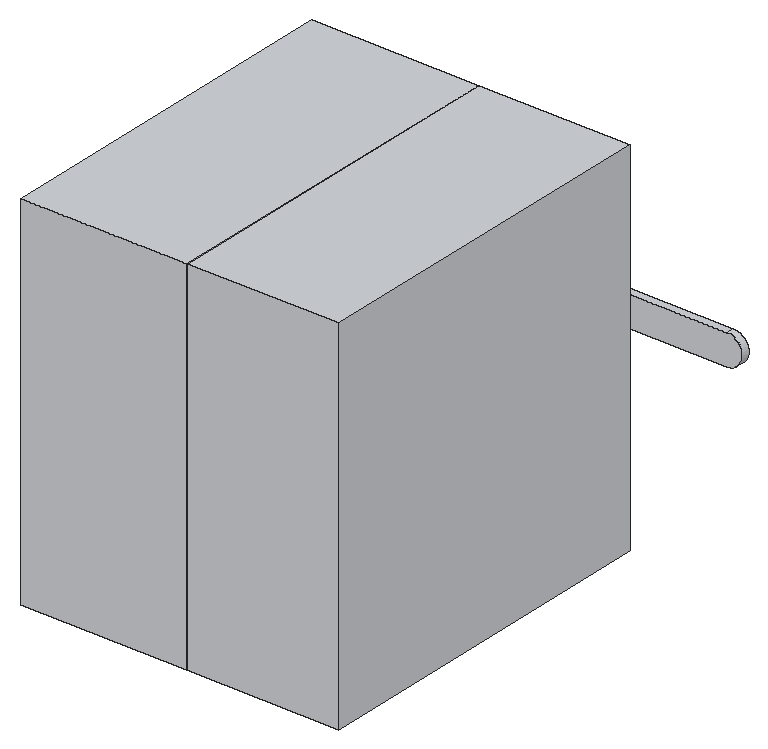
Revit family "Fire Volume Damper - Rectangular Fitting", category Duct Fittings, Revit 2025
Family settings
  Round Connector Dimension = Use Diameter
  Part Type = Tap - Adjustable
  OmniClass Number = 23.75.70.14
  OmniClass Title = Air Ductwork
  Work Plane-Based = No
  Always vertical = Yes
  Cut with Voids When Loaded = No
  Shared = No
Parameters (values of type "Type B")
  built-in parameter 1114215 [instance] = 0.33333 (stored number, unit not read)
  built-in parameter 1114214 [instance] = 1"
  built-in parameter 1114213 [instance] = 1.2708 (stored number, unit not read)
  Width [instance] = 12"
  Height [instance] = 12"
  Default Elevation = 0"
  B Length = 5"
  Assembly Code = ""
  A Length = 4 1/2"
Types (2): name | built-in parameter 1114214 | B Length | A Length
  Type A | 12" | 8" | 7 1/4"
  Type B | 1" | 5" | 4 1/2"
Reference planes (in)
  plane 1 "Center (Front/Back)": y = 0
  plane 2: z = 0
  plane 3 "Center (Left/Right)": x = 0
  plane 4 "top": x = 4.5
  plane 5: x = -1
  plane 6: z = 6
  plane 7: z = -6
  plane 8: x = 9.5
  plane 9 "front": y = 6
  plane 10 "back": y = -6
  plane 11 "handle": y = 7.5
Forms (in)
  Blend 1, solid, detail levels medium+fine
    base sketch origin (0, 0, 0) x (0, 1, 0) y (0, 0, 1)
      loop
        line (-6, 6) -> (-6, -6) -> (6, -6) -> (6, 6) -> (-6, 6)
    top sketch origin (0, 0, 0) x (0, 1, 0) y (0, 0, 1)
      loop
        line (-6, 6) -> (-6, -6) -> (6, -6) -> (6, 6) -> (-6, 6)
    from 0 to 4.5
  Sweep 2, solid, detail levels medium+fine
    path in 3D
      loop
        line (-1, 0, 0) -> (0, 0, 0)
    profile "Duct - Rectangular : Duct - Rectangular" origin (-0.5, 0, 0) x (0, 1, 0) y (0, 0, 1)
      loop
        line (-6, 6) -> (-6, -6) -> (6, -6) -> (6, 6) -> (-6, 6)
  Extrusion 3, solid
    sketch origin (4.5, 0, 0) x (0, 1, 0) y (0, 0, 1)
      loop
        line (-6, 6) -> (-6, -6) -> (6, -6) -> (6, 6) -> (-6, 6)
    from 0 to 5
  Sweep 4, solid
    path origin (0, 0, 0) x (1, 0, 0) y (0, 1, 0)
      loop
        line (7, 7.5) -> (7, 3)
    profile origin (7, 5.25, 0) x (1, 0, 0) y (0, 0, 1)
      loop
        circle (0, 0) r 0.25
  Sweep 5, solid
    path origin (0, 0, 0) x (1, 0, 0) y (0, 1, 0)
      loop
        line (7, 7.5) -> (7, 7.75)
    profile origin (7, 7.625, 0) x (-1, 0, 0) y (0, 0, 1)
      loop
        line (0.01971, 0.5) -> (-4.5, 0.5)
        arc (-4.5, 0.5) -> (-5, 0) -> (-4.5, -0.5) r 0.5
        line (-4.5, -0.5) -> (0.01971, -0.5)
        arc (0.01971, -0.5) -> (0.51971, 0) -> (0.01971, 0.5) r 0.5
Cuts and joins
  joined: Blend 1, Sweep 2
  joined: Extrusion 3, Sweep 4
Lines and regions (in)
  model lines, style "DuctFitting", not visible, detail levels coarse
    curve 1: line (0, 0, 0) -> (4.5, 0, 0)
  reference lines
    curve 2: line (-1, 0, 0) -> (0, 0, 0)
  sketch lines
    curve 3: line (-1, 0, 0) -> (0, 0, 0)
  symbolic lines
    curve 4: line (7, 6, 0) -> (7, -6, 0)
    curve 5: line (0, 6, 0) -> (4.5, 3.5, 0)
    curve 6: line (0, 6, 0) -> (4.5, 0, 0)
    curve 7: line (0, -6, 0) -> (4.5, -3.5, 0)
    curve 8: line (0, -6, 0) -> (4.5, 0, 0)
    curve 9: line (0, 6, 6) -> (4.5, 6, 0)
    curve 10: line (4.5, 6, 0) -> (0, 6, -6)
    curve 11: line (0, 6, 6) -> (4.5, 6, 3.5)
    curve 12: line (0, 6, -6) -> (4.5, 6, -3.5)
    curve 13: line (0, -6, 6) -> (4.5, -6, 0)
    curve 14: line (0, -6, -6) -> (4.5, -6, 0)
    curve 15: line (0, -6, 6) -> (4.5, -6, 3.5)
    curve 16: line (0, -6, -6) -> (4.5, -6, -3.5)
Dimensions and locks (in)
  "built-in parameter 1114214": plane 5 to plane 3 "Center (Left/Right)"
  equal spacing: plane 6, level, plane 7
  locked: plane 6 to plane 7 at 12
  equal spacing: Blend 1 sketch curve, plane 1 "Center (Front/Back)", Blend 1 sketch curve  (x2)
  "Width": Blend 1 sketch curve to Blend 1 sketch curve  (x2)
  equal spacing: Blend 1 sketch curve, plane 2, Blend 1 sketch curve  (x2)
  "Height": Blend 1 sketch curve to Blend 1 sketch curve  (x2)
  "B Length": plane 4 "top" to plane 8
  "A Length": plane 3 "Center (Left/Right)" to plane 4 "top"
  equal spacing: plane 4 "top", curve 4, plane 8
  equal spacing: plane 9 "front", plane 1 "Center (Front/Back)", plane 10 "back"
  plane 11 "handle" to plane 9 "front" = 1 1/2"
  "Width": plane 9 "front" to plane 10 "back"
  plane 9 "front" to curve 5 = 2 1/2"
  equal spacing: Extrusion 3 sketch curve, plane 2, Extrusion 3 sketch curve
  equal spacing: Extrusion 3 sketch curve, plane 1 "Center (Front/Back)", Extrusion 3 sketch curve
  "Width": Extrusion 3 sketch curve to Extrusion 3 sketch curve
  "Height": Extrusion 3 sketch curve to Extrusion 3 sketch curve
  aligned and locked: plane 3 "Center (Left/Right)" to curve 1
  aligned and locked: plane 1 "Center (Front/Back)" to curve 1
  aligned and locked: plane 4 "top" to Blend 1
  aligned and locked: plane 3 "Center (Left/Right)" to curve 2
  aligned and locked: plane 5 to curve 2
  aligned and locked: plane 1 "Center (Front/Back)" to curve 2
  aligned and locked: plane 8 to Extrusion 3
  aligned and locked: plane 9 "front" to curve 4
  aligned and locked: plane 10 "back" to curve 4
  aligned and locked: plane 11 "handle" to Sweep 4 sketch curve
  aligned and locked: Blend 1 to plane 3 "Center (Left/Right)"
  aligned and locked: Sweep 4 sketch curve to curve 4
  aligned and locked: curve 4 to Sweep 5 sketch curve
  aligned and locked: plane 4 "top" to curve 11
Automatic sketch dimensions
  curve 8 to plane 3 "Center (Left/Right)" = 0"
  curve 6 to plane 3 "Center (Left/Right)" = 0"
  curve 8 to plane 4 "top" = 0"
  curve 7 to plane 4 "top" = 0"
  curve 5 to plane 4 "top" = 0"
  curve 8 to plane 10 "back" = 0"
  curve 6 to plane 9 "front" = 0"
  plane 10 "back" to curve 7 = 2 1/2"
  Sweep 4 sketch curve to plane 1 "Center (Front/Back)" = 3"
  Sweep 4 sketch curve to level = 0"
  profile plane to Sweep 4 sketch curve = 0"
  Sweep 5 sketch curve to plane 11 "handle" = 0"
  Sweep 5 sketch curve to Sweep 5 sketch curve = 1/4"
  Sweep 5 sketch curve to level = 0"
  level to Sweep 5 sketch curve = 1/2"
  profile plane to Sweep 5 sketch curve = 4 1/2"
  Sweep 5 sketch curve to profile plane = 0.01971"
  curve 9 to level = 0"
  curve 9 to plane 4 "top" = 0"
  curve 12 to plane 4 "top" = 0"
  curve 11 to plane 3 "Center (Left/Right)" = 0"
  curve 12 to plane 3 "Center (Left/Right)" = 0"
  curve 12 to plane 7 = 0"
  curve 11 to plane 6 = 0"
  plane 7 to curve 12 = 2 1/2"
  curve 11 to plane 6 = 2 1/2"
  curve 13 to level = 0"
  curve 13 to plane 4 "top" = 0"
  curve 15 to plane 4 "top" = 0"
  curve 16 to plane 4 "top" = 0"
  curve 15 to plane 3 "Center (Left/Right)" = 0"
  curve 16 to plane 3 "Center (Left/Right)" = 0"
  curve 16 to plane 7 = 0"
  curve 15 to plane 6 = 0"
  plane 7 to curve 16 = 2 1/2"
  curve 15 to plane 6 = 2 1/2"
  radius of Sweep 4 sketch curve = 1/4"
Connectors (in)
  hvac at (0, 0, 0), driven by "Height", driven by "Width"
    settings: on cut or joined group of Blend 1, Sweep 2, index 0, duct flow 0 CFM, flow factor 0, pres drop 0.00 in-wg, loss coef 0, conn angle 0.00°, conn width 12", conn height 12", conn diameter 24", duct sys type 28, conn prof type 1, flow config 0, flow direction 0, loss method 0, conn ref index 1, conn util no, is conn primary yes, conn desc ""
  hvac at (9.5, 0, 0), driven by "Height", driven by "Width"
    settings: on Extrusion 3, index 1, duct flow 0 CFM, flow factor 0, pres drop 0.00 in-wg, loss coef 0, conn angle 0.00°, conn width 12", conn height 12", conn diameter 12", duct sys type 28, conn prof type 1, flow config 0, flow direction 0, loss method 0, conn ref index 0, conn util no, is conn primary no, conn desc ""
